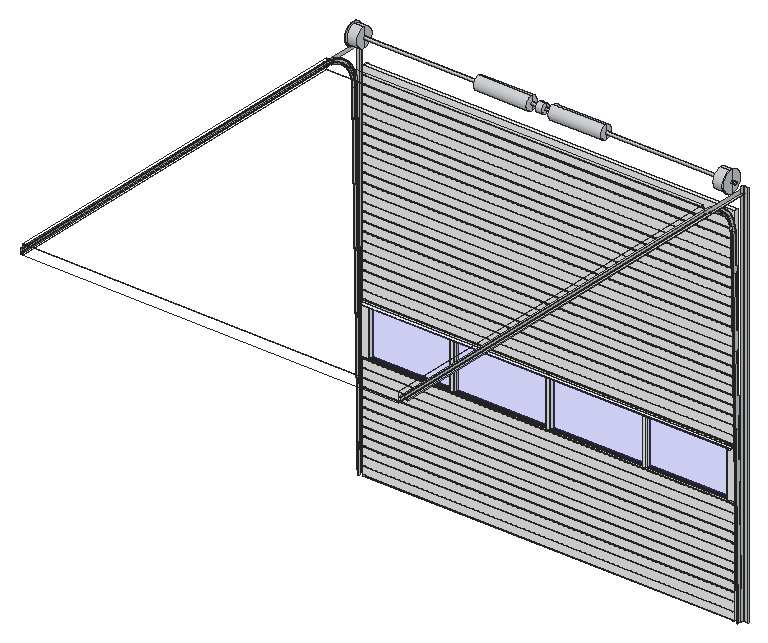
Revit family (continued)
Definition of nested family "Full Vision Section"
  Definition of nested family "902 Int Stile Array"
    Forms (in)
      Extrusion 2, solid, material <- "Frame Material"
        sketch origin (-44, 0, 0) x (1, 0, 0) y (0, 1, 0)
          loop
            line (-0.65625, 0) -> (-0.65625, -0.125) -> (-0.78125, -0.125) -> (-1.15625, -0.5) -> (-1.15625, -0.63751) -> (-0.65625, -0.63751) -> (-0.65625, -0.88751) -> (-1.15625, -0.88751) -> (-1.15625, -1.88751) -> (-0.65625, -1.88751) -> (-0.65625, -2.125) -> (0.65625, -2.125) -> (0.65625, -1.88751) -> (1.15625, -1.88751) -> (1.15625, -0.88751) -> (0.65625, -0.88751) -> (0.65625, -0.63751) -> (1.15625, -0.63751) -> (1.15625, -0.5) -> (0.78125, -0.125) -> (0.65625, -0.125) -> (0.65625, 0) -> (-0.65625, 0)
        from 0 to 22.3125 <- "Stile Height"
      Extrusion 3, solid, material <- "Frame Material"
        sketch origin (-88, 0, 0) x (1, 0, 0) y (0, 1, 0)
          loop
            line (-0.65625, 0) -> (-0.65625, -0.125) -> (-0.78125, -0.125) -> (-1.15625, -0.5) -> (-1.15625, -0.63751) -> (-0.65625, -0.63751) -> (-0.65625, -0.88751) -> (-1.15625, -0.88751) -> (-1.15625, -1.88751) -> (-0.65625, -1.88751) -> (-0.65625, -2.125) -> (0.65625, -2.125) -> (0.65625, -1.88751) -> (1.15625, -1.88751) -> (1.15625, -0.88751) -> (0.65625, -0.88751) -> (0.65625, -0.63751) -> (1.15625, -0.63751) -> (1.15625, -0.5) -> (0.78125, -0.125) -> (0.65625, -0.125) -> (0.65625, 0) -> (-0.65625, 0)
        from 0 to 22.3125 <- "Stile Height"
      Extrusion 4, solid, material <- "Frame Material"
        sketch origin (-132, 0, 0) x (1, 0, 0) y (0, 1, 0)
          loop
            line (-0.65625, 0) -> (-0.65625, -0.125) -> (-0.78125, -0.125) -> (-1.15625, -0.5) -> (-1.15625, -0.63751) -> (-0.65625, -0.63751) -> (-0.65625, -0.88751) -> (-1.15625, -0.88751) -> (-1.15625, -1.88751) -> (-0.65625, -1.88751) -> (-0.65625, -2.125) -> (0.65625, -2.125) -> (0.65625, -1.88751) -> (1.15625, -1.88751) -> (1.15625, -0.88751) -> (0.65625, -0.88751) -> (0.65625, -0.63751) -> (1.15625, -0.63751) -> (1.15625, -0.5) -> (0.78125, -0.125) -> (0.65625, -0.125) -> (0.65625, 0) -> (-0.65625, 0)
        from 0 to 22.3125 <- "Stile Height"
    Dimensions and locks (in)
      "Stile Height": level to plane 4
      locked: Extrusion 1 sketch curve to Extrusion 1 sketch curve at 1.3125
      locked: Extrusion 1 sketch curve to Extrusion 1 sketch curve at 0.5  (x2)
      locked: Extrusion 1 sketch curve to Extrusion 1 sketch curve at 2.125
      locked: Extrusion 1 sketch curve to Extrusion 1 sketch curve at 0.25
      locked: Extrusion 1 sketch curve to Extrusion 1 sketch curve at 1
      locked: Extrusion 1 sketch curve to Extrusion 1 sketch curve at 0.375  (x4)
      locked: Extrusion 1 sketch curve to Extrusion 1 sketch curve at 0.125  (x3)
      locked: Extrusion 2 sketch curve to Extrusion 2 sketch curve at 1.3125
      locked: Extrusion 2 sketch curve to Extrusion 2 sketch curve at 0.5  (x2)
      locked: Extrusion 2 sketch curve to Extrusion 2 sketch curve at 2.125
      locked: Extrusion 2 sketch curve to Extrusion 2 sketch curve at 0.25
      locked: Extrusion 2 sketch curve to Extrusion 2 sketch curve at 1
      locked: Extrusion 2 sketch curve to Extrusion 2 sketch curve at 0.375  (x4)
      locked: Extrusion 2 sketch curve to Extrusion 2 sketch curve at 0.125  (x3)
      equal spacing: group 4, group 3, group 2, group 1
      equal spacing: group 1, group 2, group 3, group 4  (x2)
      "IntStileCtrCtr": plane 5 to plane 6
      locked: Extrusion 3 sketch curve to Extrusion 3 sketch curve at 1.3125
      locked: Extrusion 3 sketch curve to Extrusion 3 sketch curve at 0.5  (x2)
      locked: Extrusion 3 sketch curve to Extrusion 3 sketch curve at 2.125
      locked: Extrusion 3 sketch curve to Extrusion 3 sketch curve at 0.25
      locked: Extrusion 3 sketch curve to Extrusion 3 sketch curve at 1
      locked: Extrusion 3 sketch curve to Extrusion 3 sketch curve at 0.375  (x4)
      locked: Extrusion 3 sketch curve to Extrusion 3 sketch curve at 0.125  (x3)
      locked: Extrusion 4 sketch curve to Extrusion 4 sketch curve at 1.3125
      locked: Extrusion 4 sketch curve to Extrusion 4 sketch curve at 0.5  (x2)
      locked: Extrusion 4 sketch curve to Extrusion 4 sketch curve at 2.125
      locked: Extrusion 4 sketch curve to Extrusion 4 sketch curve at 0.25
      locked: Extrusion 4 sketch curve to Extrusion 4 sketch curve at 1
      locked: Extrusion 4 sketch curve to Extrusion 4 sketch curve at 0.375  (x4)
      locked: Extrusion 4 sketch curve to Extrusion 4 sketch curve at 0.125  (x3)
      aligned and locked: plane 2 to level
      aligned and locked: Extrusion 1 sketch curve to Extrusion 1 sketch curve  (x8)
      aligned and locked: Extrusion 2 sketch curve to Extrusion 2 sketch curve  (x8)
      aligned and locked: plane 5 to Extrusion 1
      aligned and locked: plane 6 to Extrusion 2
      aligned and locked: Extrusion 3 sketch curve to Extrusion 3 sketch curve  (x8)
      aligned and locked: Extrusion 4 sketch curve to Extrusion 4 sketch curve  (x8)
    Automatic sketch dimensions
      Extrusion 1 sketch curve to Extrusion 1 sketch curve = 0' - 0.23749"
      Extrusion 2 sketch curve to Extrusion 2 sketch curve = 0' - 0.23749"
      Extrusion 3 sketch curve to Extrusion 3 sketch curve = 0' - 0.23749"
      Extrusion 4 sketch curve to Extrusion 4 sketch curve = 0' - 0.23749"
Definition of nested family "Track - Standard Lift"
  Parameters (values of type "15" Radius")
    WallToRadiusCenter = Door Thickness + 0' 1" + Vertical Track Length * 0' 0 1/4" / 1' 0" + Track Radius  # 1' - 8.83333"
    VerticalAngleLength = Door Height + 0' 10"  # 12' - 10"
    Vertical Track Length = Door Height - 0' 8"  # 11' - 4"
    TrackToTrack = CenterToLHTrack * 2  # 12' - 2"
    Roof Pitch Deg = atan(Roof Pitch / 12)  # 14.0362°
    Roof Pitch = 3
    Operator - Trolley = no
    Operator - Jack Shaft Right = no
    Operator - Jack Shaft Left = no
    HorizontalAngleLength = -(Horizontal Track Length + Track Radius + Vertical Track Length * 0.25 / 12 + 0' 2" - 0' 1" * Roof Pitch)  # -13' - 10.83333"
    Horizontal Track Length = Door Height + 1' 9" - Track Radius  # 12' - 6"
    FloorToTrolleyRail = FloorToShaftCL + 0' 6" - 0' 0 77/256" * Roof Pitch  # 13' - 7 25/256"
    FloorToShaftCL = Door Height + Track Radius - 0' 1"  # 13' - 2"
    FloorToJackShaft = FloorToShaftCL + 0' 3"  # 13' - 5"
    Double Torsion Shaft = yes
    Door Width = 12' - 0"
    Door Thickness = 0' - 2"
    Door Height = 12' - 0"
    CenterToLHTrack = Door Width / 2 + 0' 1" + Roof Pitch * 0' 0"  # 6' - 1"
    Track Radius = if([12" Radius Track], 1' 0", 1' 3")  # 1' - 3"
    HorizontalTrackAngle = 90.00° - Roof Pitch Deg + Roof Pitch * 0.00°  # 75.9638°
    CenterToRHTrack = -CenterToLHTrack  # -6' - 1"
    CenterToJackShaft = Door Width / 2 + 0' 5"  # 6' - 5"
    15" Radius Track = yes
    12" Radius Track = not([15" Radius Track])  # no
  Types (3): name | WallToRadiusCenter | Horizontal Track Length | FloorToTrolleyRail | FloorToShaftCL | FloorToJackShaft | Track Radius | 15" Radius Track | 12" Radius Track
    (no name) | 1' - 8.83333" | 12' - 6" | 13' - 7 25/256" | 13' - 2" | 13' - 5" | 1' - 3" | yes | no
    15" Radius | 1' - 8.83333" | 12' - 6" | 13' - 7 25/256" | 13' - 2" | 13' - 5" | 1' - 3" | yes | no
    12" Radius | 1' - 5.83333" | 12' - 9" | 13' - 4 25/256" | 12' - 11" | 13' - 2" | 1' - 0" | no | yes
  Reference planes (in)
    plane 1: y = 0
    plane 2 "Center (Left/Right)": x = 0
    plane 3 "Wall Edge": y = 3
    plane 4: y = 23.83333
    plane 5: z = 136
    plane 6: x = 73
    plane 7: x = -73
  Forms (in)
    Sweep 1, solid
      path in 3D
        loop
          line (0, 165.71667, 186.93248) -> (0, 20.1953, 150.55214)
          arc (0, 20.1953, 150.55214) -> (0, 12.10704, 145.35382) -> (0, 8.83659, 136.31243) r 15
          line (0, 8.83659, 136.31243) -> (0, 5.99672, 0)
      profile "Track Profile : Track Profile" origin (0, 7.41665, 68.15622) x (0, 0.999783, -0.020829) y (1, 0, 0)
        loop
          line (-2.03223, 73) -> (-1.97364, 73) -> (-1.97364, 73.826)
          arc (-1.97364, 73.826) -> (-1.9457, 73.89346) -> (-1.87823, 73.92141) r 0.09541
          line (-1.87823, 73.92141) -> (-0.65812, 73.92141)
          arc (-0.65812, 73.92141) -> (-0.63212, 73.9187) -> (-0.60723, 73.91071) r 0.12641
          line (-0.60723, 73.91071) -> (-0.20802, 73.73513)
          arc (-0.20802, 73.73513) -> (-0.05845, 73.52266) -> (-0.17676, 73.29133) r 0.25141
          line (-0.17676, 73.29133) -> (-0.46311, 73.1138) -> (-0.43223, 73.064) -> (-0.14589, 73.24153)
          arc (-0.14589, 73.24153) -> (0, 73.52678) -> (-0.18443, 73.78877) r 0.31
          line (-0.18443, 73.78877) -> (-0.58364, 73.96434)
          arc (-0.58364, 73.96434) -> (-0.62007, 73.97604) -> (-0.65812, 73.98) r 0.185
          line (-0.65812, 73.98) -> (-1.87823, 73.98)
          arc (-1.87823, 73.98) -> (-1.98713, 73.93489) -> (-2.03223, 73.826) r 0.154
          line (-2.03223, 73.826) -> (-2.03223, 73)
    Sweep 2, solid
      path in 3D
        loop
          line (0, 165.71667, 186.93248) -> (0, 20.1953, 150.55214)
          arc (0, 20.1953, 150.55214) -> (0, 12.10704, 145.35382) -> (0, 8.83659, 136.31243) r 15
          line (0, 8.83659, 136.31243) -> (0, 5.99672, 0)
      profile "Track Profile : Track Profile" origin (0, 7.41665, 68.15622) x (0, 0.999783, -0.020829) y (1, 0, 0)
        loop
          line (-2.03223, -73) -> (-2.03223, -73.826)
          arc (-2.03223, -73.826) -> (-1.98713, -73.93489) -> (-1.87823, -73.98) r 0.154
          line (-1.87823, -73.98) -> (-0.65812, -73.98)
          arc (-0.65812, -73.98) -> (-0.62007, -73.97604) -> (-0.58364, -73.96434) r 0.185
          line (-0.58364, -73.96434) -> (-0.18443, -73.78877)
          arc (-0.18443, -73.78877) -> (0, -73.52678) -> (-0.14589, -73.24153) r 0.31
          line (-0.14589, -73.24153) -> (-0.43223, -73.064) -> (-0.46311, -73.1138) -> (-0.17676, -73.29133)
          arc (-0.17676, -73.29133) -> (-0.05845, -73.52266) -> (-0.20802, -73.73513) r 0.25141
          line (-0.20802, -73.73513) -> (-0.60723, -73.91071)
          arc (-0.60723, -73.91071) -> (-0.63212, -73.9187) -> (-0.65812, -73.92141) r 0.12641
          line (-0.65812, -73.92141) -> (-1.87823, -73.92141)
          arc (-1.87823, -73.92141) -> (-1.9457, -73.89346) -> (-1.97364, -73.826) r 0.09541
          line (-1.97364, -73.826) -> (-1.97364, -73) -> (-2.03223, -73)
    Extrusion 3, solid, material "Transparent"
      sketch origin (73, 9, 148.94743) x (0, 0, 1) y (0, 1, 0)
        loop
          line (37.01491, 156.95921) -> (0.63457, 11.43783) -> (5.48528, 10.22516) -> (41.86562, 155.74653) -> (37.01491, 156.95921)
      from 0 to 146 <- "TrackToTrack"
    Extrusion 4, solid
      sketch origin (0, 165.71667, 186.93248) x (0, -0.242536, 0.970143) y (1, 0, 0)
        loop
          line (1.87823, 73.98) -> (1.87823, 74.06107) -> (0.47823, 74.06107) -> (0.47823, 75.48) -> (0.37823, 75.48) -> (0.37823, 73.98) -> (1.87823, 73.98)
      from -2 to -166.83333 <- "HorizontalAngleLength"
    Extrusion 5, solid
      sketch origin (0, 165.71667, 186.93248) x (0, -0.242536, 0.970143) y (1, 0, 0)
        loop
          line (1.87823, -73.98) -> (0.37823, -73.98) -> (0.37823, -75.48) -> (0.47823, -75.48) -> (0.47823, -74.08) -> (1.87823, -74.08) -> (1.87823, -73.98)
      from -2 to -166.83333 <- "HorizontalAngleLength"
    Extrusion 6, solid
      sketch origin (0, 0, 0) x (1, 0, 0) y (0, 1, 0)
        loop
          line (-73.98, 4.63) -> (-74.08, 4.63) -> (-74.08, 3.30484)
          arc (-74.08, 3.30484) -> (-74.14, 3.16) -> (-74.28484, 3.1) r 0.20484
          line (-74.28484, 3.1) -> (-76.26, 3.1) -> (-76.26, 3) -> (-74.28584, 3)
          arc (-74.28584, 3) -> (-74.06958, 3.08958) -> (-73.98, 3.30584) r 0.30584
          line (-73.98, 3.30584) -> (-73.98, 4.63)
        loop
          line (73.98, 4.63) -> (73.98, 3.30584)
          arc (73.98, 3.30584) -> (74.06958, 3.08958) -> (74.28584, 3) r 0.30584
          line (74.28584, 3) -> (76.26, 3) -> (76.26, 3.1) -> (74.28484, 3.1)
          arc (74.28484, 3.1) -> (74.14, 3.16) -> (74.08, 3.30484) r 0.20484
          line (74.08, 3.30484) -> (74.08, 4.63) -> (73.98, 4.63)
      from 0 to 154 <- "VerticalAngleLength"
    Extrusion 7, solid, visible <- "Operator - Jack Shaft Left"
      sketch origin (-60, 3, 0) x (-1, 0, 0) y (0, 0, 1)
        loop
          line (-149, 161) -> (-149, 137) -> (-137, 137) -> (-137, 161) -> (-149, 161)
      from 0 to 12
    Extrusion 8, solid, visible <- "Operator - Jack Shaft Right"
      sketch origin (-60, 3, 0) x (-1, 0, 0) y (0, 0, 1)
        loop
          line (17, 161) -> (17, 137) -> (29, 137) -> (29, 161) -> (17, 161)
      from 0 to 12
    Extrusion 9, solid, visible <- "Operator - Trolley"
      sketch origin (0, 0, 0) x (0, 1, 0) y (0, 0, 1)
        loop
          line (3.39876, 161.11455) -> (164.09305, 193.42697) -> (163.69429, 195.41008) -> (3, 163.09766) -> (3.39876, 161.11455)
      from -1 to 1
    Extrusion 10, solid, visible <- "Operator - Trolley"
      sketch origin (0, 0, 0) x (0, 1, 0) y (0, 0, 1)
        loop
          line (165.95921, 185.96234) -> (189.24263, 191.78319) -> (186.81727, 201.48462) -> (163.53385, 195.66376) -> (165.95921, 185.96234)
      from -12 to 12
  Lines and regions (in)
    reference lines, not visible
      curve 1: line (0, 23.83333, 136) -> (0, 20.1953, 150.55214)
      curve 2: line (0, 23.83333, 136) -> (0, 8.83659, 136.31243)
      curve 3: line (0, 20.1953, 150.55214) -> (0, 165.71667, 186.93248)
      curve 4: line (0, 8.83659, 136.31243) -> (0, 5.99672, 0)
      curve 5: arc (0, 20.1953, 150.55214) -> (0, 12.10704, 145.35382) -> (0, 8.83659, 136.31243) r 15
    sketch lines
      curve 6: line (0, 8.83659, 136.31243) -> (0, 5.99672, 0)
      curve 7: arc (0, 20.1953, 150.55214) -> (0, 12.10704, 145.35382) -> (0, 8.83659, 136.31243) r 15
      curve 8: line (0, 20.1953, 150.55214) -> (0, 165.71667, 186.93248)
      curve 9: line (0, 8.83659, 136.31243) -> (0, 5.99672, 0)
      curve 10: arc (0, 20.1953, 150.55214) -> (0, 12.10704, 145.35382) -> (0, 8.83659, 136.31243) r 15
      curve 11: line (0, 20.1953, 150.55214) -> (0, 165.71667, 186.93248)
  Text (in)
    text "Placement Side" at (0, 40.15149, 123.01588), in view "Right"
    text "Placement Side" at (-70.3804, 28.46503, 0), in view "Ref. Level"
    text "Placement Side" at (0, 81.62555, 140.59947), in view "Left"
  Dimensions and locks (in)
    locked: plane 3 "Wall Edge" to host wall
    "WallToRadiusCenter": plane 3 "Wall Edge" to plane 4
    "Vertical Track Length": plane 5 to level
    "Track Radius": curve 1 to curve 1
    "Track Radius": curve 2 to curve 2
    "CenterToLHTrack": plane 6 to plane 2 "Center (Left/Right)"
    "CenterToLHTrack": plane 2 "Center (Left/Right)" to plane 7
    "Horizontal Track Length": curve 5 to curve 3
    locked: curve 3 to Extrusion 3 sketch curve at 4
    locked: Extrusion 3 sketch curve to curve 3 at 1
    locked: Extrusion 4 sketch curve to Extrusion 4 sketch curve at 1.5  (x2)
    locked: Extrusion 4 sketch curve to Extrusion 4 sketch curve at 0.1
    locked: Sweep 1 to Extrusion 4 sketch curve at 0.08107
    locked: Extrusion 5 sketch curve to Extrusion 5 sketch curve at 0.1
    locked: Extrusion 5 sketch curve to Sweep 2 at 0.1
    locked: Extrusion 5 sketch curve to Extrusion 5 sketch curve at 1.5
    locked: Extrusion 5 sketch curve to Sweep 2 at 1.5
    locked: Extrusion 6 sketch curve to Extrusion 6 sketch curve at 0.1  (x4)
    locked: Extrusion 6 sketch curve to Extrusion 6 sketch curve at 2.28  (x2)
    Extrusion 6 sketch curve to Extrusion 6 sketch curve = 0' - 1.63"
    locked: Extrusion 6 sketch curve to Extrusion 6 sketch curve at 1.63  (x2)
    locked: host wall to nested 1 at 6
    locked: Extrusion 7 sketch curve to Extrusion 7 sketch curve at 12
    locked: Extrusion 7 sketch curve to Extrusion 7 sketch curve at 24
    "FloorToJackShaft": level to Extrusion 7 sketch curve
    "CenterToJackShaft": Extrusion 7 sketch curve to curve 4
    locked: Extrusion 8 sketch curve to Extrusion 8 sketch curve at 24
    locked: Extrusion 8 sketch curve to Extrusion 8 sketch curve at 12
    "CenterToJackShaft": curve 4 to Extrusion 8 sketch curve
    "FloorToShaftCL": nested 1 to level
    locked: Extrusion 9 sketch curve to Extrusion 9 sketch curve at 2.0228
    locked: Extrusion 9 sketch curve to Extrusion 3 at 2.69437
    "FloorToTrolleyRail": Extrusion 9 sketch curve to level
    locked: Extrusion 10 sketch curve to Extrusion 10 sketch curve at 10
    locked: Extrusion 10 sketch curve to Extrusion 10 sketch curve at 24
    "Track Radius": radius of curve 5
    radius of Extrusion 6 sketch curve = 0' - 0.30584"
    radius of Extrusion 6 sketch curve = 0' - 0.20484"
    "HorizontalTrackAngle": angle curve 1 to plane 5
    locked: curve 2 to plane 5 (angle 1.1935°)
    locked: curve 1 to curve 3 (angle 90.00°)
    locked: curve 4 to curve 2 (angle 90.00°)
    angle Extrusion 9 sketch curve to Extrusion 9 sketch curve = 90.00°  (x2)
    aligned and locked: plane 5 to curve 2
    aligned and locked: plane 4 to curve 2
    aligned and locked: level to curve 4
    aligned and locked: Extrusion 3 sketch curve to curve 3
    aligned and locked: Extrusion 3 sketch curve to curve 1
    aligned and locked: Extrusion 4 sketch curve to Sweep 1
    aligned and locked: Extrusion 5 sketch curve to Sweep 2
    aligned and locked: Extrusion 4 to Extrusion 5 sketch curve
    aligned and locked: Sweep 2 to Extrusion 6 sketch curve
    aligned and locked: Extrusion 6 sketch curve to Sweep 1
    aligned and locked: Extrusion 6 sketch curve to host wall
    aligned and locked: nested 1 to curve 4
    aligned and locked: Extrusion 7 to Extrusion 8 sketch curve
    aligned and locked: Extrusion 3 to Extrusion 9 sketch curve
    aligned and locked: host wall to Extrusion 9 sketch curve
    aligned and locked: Extrusion 10 sketch curve to Extrusion 3  (x2)
  Automatic sketch dimensions
    Sweep 1 to Extrusion 4 sketch curve = 0' - 1.59541"
    Extrusion 6 sketch curve to host wall = 0' - 0"
    Extrusion 6 sketch curve to Extrusion 6 sketch curve = 0' - 0.20484"
    Extrusion 6 sketch curve to Extrusion 6 sketch curve = 0' - 0.00101"
  Nested families (in)
    nested 1: "Torsion Assembly - Standard Lift" at (0, 9, 94.84779), type "Torsion Assembly - High Lift"
  Definition of nested family "Torsion Assembly - Standard Lift"
    Parameters (values of type "Torsion Assembly - Standard Lift")
      Spring Length = if(Door Width < 6' 0", 1' 0", 2' 0")  # 2' - 0"
      HalfShaft2Length = HalfShaftLength + 1' 0"  # 7' - 3 1/2"
      Double Torsion Shaft = no
      Door Width = 12' - 0"
      HalfShaftLength = (Door Width + 0' 7") / 2  # 6' - 3 1/2"
      Assembly Code = ""
    Types (2): name | Double Torsion Shaft
      Torsion Assembly - Standard Lift | no
      Torsion Assembly - High Lift | yes
    Reference planes (in)
      plane 1 "Center (Front/Back)": y = 0
      plane 2: z = 63.15221
      plane 3 "Center (Left/Right)": x = 0
      plane 4: z = 75.15221
      plane 5: z = 63.15221
    Forms (in)
      Revolve 1, solid
        sketch origin (0, 0, 0) x (1, 0, 0) y (0, 0, 1)
          loop
            line (5, 63.65221) -> (1.38578, 63.65221) -> (1.38578, 65.15221) -> (-1.36422, 65.15221) -> (-1.36422, 63.65221) -> (-5, 63.65221) -> (-5, 66.15221) -> (-29, 66.15221) -> (-29, 63.65221) -> (-68.5, 63.65221) -> (-68.5, 67.45823) -> (-73, 67.45823) -> (-73, 67.95823) -> (-73.5, 67.95823) -> (-73.5, 63.65221) -> (-75.5, 63.65221) -> (-75.5, 63.15221) -> (-73.5, 63.15221) -> (73.5, 63.15221) -> (75.5, 63.15221) -> (75.5, 63.65221) -> (73.5, 63.65221) -> (73.5, 67.95823) -> (73, 67.95823) -> (73, 67.45823) -> (68.5, 67.45823) -> (68.5, 63.65221) -> (29, 63.65221) -> (29, 66.15221) -> (5, 66.15221) -> (5, 63.65221)
          axis (-75.5, 63.15221) -> (75.5, 63.15221)
        angle from 0 to 360
      Revolve 2, solid, visible <- "Double Torsion Shaft"
        sketch origin (0, 0, 12) x (1, 0, 0) y (0, 0, 1)
          loop
            line (5, 63.65221) -> (1.38578, 63.65221) -> (1.38578, 65.15221) -> (-1.36422, 65.15221) -> (-1.36422, 63.65221) -> (-5, 63.65221) -> (-5, 66.15221) -> (-29, 66.15221) -> (-29, 63.65221) -> (-74.5, 63.65221) -> (-74.5, 67.45823) -> (-79, 67.45823) -> (-79, 67.95823) -> (-79.5, 67.95823) -> (-79.5, 63.65221) -> (-87.5, 63.65221) -> (-87.5, 63.15221) -> (-79.5, 63.15221) -> (79.5, 63.15221) -> (87.5, 63.15221) -> (87.5, 63.65221) -> (79.5, 63.65221) -> (79.5, 67.95823) -> (79, 67.95823) -> (79, 67.45823) -> (74.5, 67.45823) -> (74.5, 63.65221) -> (29, 63.65221) -> (29, 66.15221) -> (5, 66.15221) -> (5, 63.65221)
          axis (-87.5, 63.15221) -> (87.5, 63.15221)
        angle from 0 to 360
    Dimensions and locks (in)
      locked: Revolve 1 sketch curve to Revolve 1 sketch curve at 0.5  (x4)
      locked: Revolve 1 sketch curve to Revolve 1 sketch curve at 4.80602
      locked: Revolve 1 sketch curve to Revolve 1 sketch curve at 2.75
      locked: Revolve 1 sketch curve to plane 3 "Center (Left/Right)" at 1.38578
      locked: Revolve 1 sketch curve to Revolve 1 sketch curve at 3
      locked: Revolve 1 sketch curve to Revolve 1 sketch curve at 2  (x3)
      locked: Revolve 1 sketch curve to plane 3 "Center (Left/Right)" at 5
      "Spring Length": Revolve 1 sketch curve to Revolve 1 sketch curve  (x2)
      locked: plane 3 "Center (Left/Right)" to Revolve 1 sketch curve at 5
      locked: Revolve 1 sketch curve to Revolve 1 sketch curve at 5  (x2)
      "HalfShaftLength": Revolve 1 sketch curve to plane 3 "Center (Left/Right)"
      "HalfShaftLength": plane 3 "Center (Left/Right)" to Revolve 1 sketch curve
      locked: Revolve 2 sketch curve to Revolve 2 sketch curve at 0.5  (x4)
      locked: Revolve 2 sketch curve to Revolve 2 sketch curve at 4.80602
      locked: Revolve 2 sketch curve to Revolve 2 sketch curve at 2.75
      locked: Revolve 2 sketch curve to Revolve 2 sketch curve at 3
      locked: Revolve 2 sketch curve to Revolve 2 sketch curve at 2
      "Spring Length": Revolve 2 sketch curve to Revolve 2 sketch curve  (x2)
      locked: Revolve 2 sketch curve to Revolve 2 sketch curve at 5  (x2)
      locked: Revolve 2 sketch curve to Revolve 2 sketch curve at 8  (x2)
      locked: Revolve 2 to plane 4 at 0.5
      locked: plane 4 to level at 12
      "HalfShaft2Length": plane 3 "Center (Left/Right)" to Revolve 2 sketch curve
      "HalfShaft2Length": Revolve 2 sketch curve to plane 3 "Center (Left/Right)"
      locked: plane 3 "Center (Left/Right)" to Revolve 2 sketch curve at 5
      locked: Revolve 2 sketch curve to plane 3 "Center (Left/Right)" at 5
      aligned and locked: plane 2 to level
      aligned and locked: plane 5 to level
    Automatic sketch dimensions
      Revolve 1 sketch curve to level = 0' - 0"  (x2)
      Revolve 1 sketch curve to Revolve 1 sketch curve = 0' - 0"  (x2)
      Revolve 1 sketch curve to Revolve 1 sketch curve = 0' - 11.98222"
      Revolve 1 sketch curve to Revolve 1 sketch curve = 0' - 11.01778"
      level to Revolve 1 sketch curve = 0' - 0 1/2"  (x4)
      Revolve 1 sketch curve to Revolve 1 sketch curve = 0' - 0 1/2"  (x2)
      Revolve 1 sketch curve to Revolve 1 sketch curve = 0' - 2 1/2"
      Revolve 1 sketch curve to Revolve 1 sketch curve = 0' - 3.80602"
      level to Revolve 2 sketch curve = 1' - 0 1/2"  (x2)
      Revolve 2 sketch curve to Revolve 2 sketch curve = 0' - 0"  (x2)
      Revolve 2 sketch curve to Revolve 2 sketch curve = 0' - 11.98222"
      Revolve 2 sketch curve to plane 3 "Center (Left/Right)" = 0' - 1.36422"
      Revolve 2 sketch curve to Revolve 2 sketch curve = 0' - 11.01778"
      level to Revolve 2 sketch curve = 1' - 0"
      Revolve 2 sketch curve to Revolve 2 sketch curve = 0' - 1 1/2"
      Revolve 2 sketch curve to Revolve 2 sketch curve = 0' - 0 1/2"  (x3)
      Revolve 2 sketch curve to Revolve 2 sketch curve = 0' - 2 1/2"  (x2)
      Revolve 2 sketch curve to Revolve 2 sketch curve = 0' - 3.80602"
